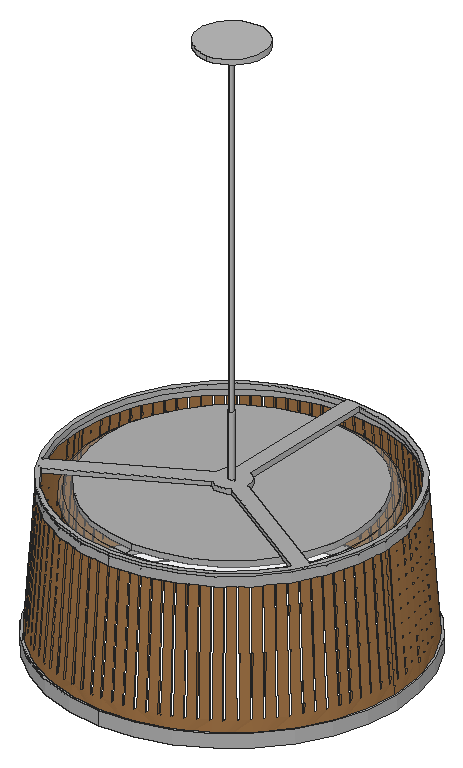
Revit family "Haworth_Solis Drum_Light_Small", category Lighting Fixtures, Revit 2018 (continued)
Automatic sketch dimensions
  Extrusion 9 sketch curve to Extrusion 9 sketch curve = 0.18586"
  Extrusion 9 sketch curve to Extrusion 9 sketch curve = 0.51839"  (x2)
  Extrusion 9 sketch curve to Extrusion 9 sketch curve = 0.51818"
  Extrusion 9 sketch curve to Extrusion 9 sketch curve = 0.13743"  (x2)
  Extrusion 9 sketch curve to Extrusion 9 sketch curve = 0.5528"
  Extrusion 9 sketch curve to Extrusion 9 sketch curve = 0.55252"
  Extrusion 9 sketch curve to Extrusion 9 sketch curve = 0.19011"  (x2)
  Extrusion 9 sketch curve to Extrusion 9 sketch curve = 0.18907"
  Extrusion 9 sketch curve to Extrusion 9 sketch curve = 0.52625"  (x2)
  Extrusion 9 sketch curve to Extrusion 9 sketch curve = 0.52596"
  Extrusion 9 sketch curve to Extrusion 9 sketch curve = 0.14059"  (x2)
  Extrusion 9 sketch curve to Extrusion 9 sketch curve = 0.13955"
  Extrusion 9 sketch curve to Extrusion 9 sketch curve = 0.55983"  (x2)
  Extrusion 9 sketch curve to Extrusion 9 sketch curve = 0.55947"
  Extrusion 9 sketch curve to Extrusion 9 sketch curve = 0.19292"  (x3)
  Extrusion 9 sketch curve to Extrusion 9 sketch curve = 0.19185"
  Extrusion 9 sketch curve to Extrusion 9 sketch curve = 0.5387"  (x2)
  Extrusion 9 sketch curve to Extrusion 9 sketch curve = 0.53834"
  Extrusion 9 sketch curve to Extrusion 9 sketch curve = 0.14267"  (x3)
  Extrusion 9 sketch curve to Extrusion 9 sketch curve = 0.56689"  (x3)
  Extrusion 9 sketch curve to Extrusion 9 sketch curve = 0.56648"
  Extrusion 9 sketch curve to Extrusion 9 sketch curve = 0.5455"  (x3)
  Extrusion 9 sketch curve to Extrusion 9 sketch curve = 0.54509"
  Extrusion 9 sketch curve to Extrusion 9 sketch curve = 0.19494"  (x3)
  Extrusion 9 sketch curve to Extrusion 9 sketch curve = 0.19384"
  Extrusion 9 sketch curve to Extrusion 9 sketch curve = 0.14417"  (x3)
  Extrusion 9 sketch curve to Extrusion 9 sketch curve = 0.14307"
  Extrusion 9 sketch curve to Extrusion 9 sketch curve = 0.57162"  (x2)
  Extrusion 9 sketch curve to Extrusion 9 sketch curve = 0.57116"
  Extrusion 9 sketch curve to Extrusion 9 sketch curve = 0.55004"  (x3)
  Extrusion 9 sketch curve to Extrusion 9 sketch curve = 0.54959"
  Extrusion 9 sketch curve to Extrusion 9 sketch curve = 0.19616"  (x2)
  Extrusion 9 sketch curve to Extrusion 9 sketch curve = 0.19504"
  Extrusion 9 sketch curve to Extrusion 9 sketch curve = 0.14507"  (x3)
  Extrusion 9 sketch curve to Extrusion 9 sketch curve = 0.14395"
  plane 3 "Center L/R" to Extrusion 9 sketch curve = 0.09794"
  plane 3 "Center L/R" to Extrusion 9 sketch curve = 0.09735"
  Extrusion 9 sketch curve to plane 3 "Center L/R" = 0.00865"
  Extrusion 9 sketch curve to plane 3 "Center L/R" = 0.09787"
  Extrusion 9 sketch curve to plane 3 "Center L/R" = 0.09846"
  Extrusion 9 sketch curve to Extrusion 9 sketch curve = 0.5523"
  Extrusion 9 sketch curve to Extrusion 9 sketch curve = 0.55303"
  Extrusion 9 sketch curve to Extrusion 9 sketch curve = 0.5741"
  Extrusion 9 sketch curve to Extrusion 9 sketch curve = 0.57479"
  Extrusion 9 sketch curve to Extrusion 9 sketch curve = 0.57184"
  Extrusion 9 sketch curve to Extrusion 9 sketch curve = 0.5331"
  Extrusion 9 sketch curve to Extrusion 9 sketch curve = 0.14619"
  Extrusion 9 sketch curve to Extrusion 9 sketch curve = 0.55423"
  Extrusion 9 sketch curve to Extrusion 9 sketch curve = 0.19571"
  Extrusion 9 sketch curve to Extrusion 9 sketch curve = 0.51929"
  Extrusion 9 sketch curve to Extrusion 9 sketch curve = 0.13642"
  Extrusion 9 sketch curve to Extrusion 9 sketch curve = 0.54585"
  Extrusion 9 sketch curve to Extrusion 9 sketch curve = 0.55046"
  Extrusion 9 sketch curve to Extrusion 9 sketch curve = 0.18585"
  Extrusion 9 sketch curve to Extrusion 9 sketch curve = 0.18652"
  Extrusion 9 sketch curve to Extrusion 9 sketch curve = 0.51816"
  Extrusion 9 sketch curve to Extrusion 9 sketch curve = 0.13326"
  Extrusion 9 sketch curve to Extrusion 9 sketch curve = 0.53885"
  Extrusion 9 sketch curve to Extrusion 9 sketch curve = 0.53882"
  Extrusion 9 sketch curve to Extrusion 9 sketch curve = 0.18153"
  Extrusion 9 sketch curve to Extrusion 9 sketch curve = 0.18215"
  Extrusion 9 sketch curve to Extrusion 9 sketch curve = 0.50496"
  Extrusion 9 sketch curve to Extrusion 9 sketch curve = 0.12955"
  Extrusion 9 sketch curve to Extrusion 9 sketch curve = 0.52512"
  Extrusion 9 sketch curve to Extrusion 9 sketch curve = 0.52497"
  Extrusion 9 sketch curve to Extrusion 9 sketch curve = 0.4897"
  Extrusion 9 sketch curve to Extrusion 9 sketch curve = 0.17648"
  Extrusion 9 sketch curve to Extrusion 9 sketch curve = 0.17704"
  Extrusion 9 sketch curve to Extrusion 9 sketch curve = 0.12532"
  Extrusion 9 sketch curve to Extrusion 9 sketch curve = 0.50925"
  Extrusion 9 sketch curve to Extrusion 9 sketch curve = 0.5132"
  Extrusion 9 sketch curve to Extrusion 9 sketch curve = 0.47244"
  Extrusion 9 sketch curve to Extrusion 9 sketch curve = 0.1707"
  Extrusion 9 sketch curve to Extrusion 9 sketch curve = 0.12057"
  Extrusion 9 sketch curve to Extrusion 9 sketch curve = 0.45325"
  Extrusion 9 sketch curve to Extrusion 9 sketch curve = 0.49129"
  Extrusion 9 sketch curve to Extrusion 9 sketch curve = 0.11532"
  Extrusion 9 sketch curve to Extrusion 9 sketch curve = 0.16423"
  Extrusion 9 sketch curve to Extrusion 9 sketch curve = 0.4322"
  Extrusion 9 sketch curve to Extrusion 9 sketch curve = 0.1096"
  Extrusion 9 sketch curve to Extrusion 9 sketch curve = 0.47133"
  Extrusion 9 sketch curve to Extrusion 9 sketch curve = 0.15707"
  Extrusion 9 sketch curve to Extrusion 9 sketch curve = 0.40938"
  Extrusion 9 sketch curve to Extrusion 9 sketch curve = 0.10344"
  Extrusion 9 sketch curve to Extrusion 9 sketch curve = 0.44943"
  Extrusion 9 sketch curve to Extrusion 9 sketch curve = 0.14927"
  Extrusion 9 sketch curve to Extrusion 9 sketch curve = 0.38488"
  Extrusion 9 sketch curve to Extrusion 9 sketch curve = 0.09684"
  Extrusion 9 sketch curve to Extrusion 9 sketch curve = 0.42569"
  Extrusion 9 sketch curve to Extrusion 9 sketch curve = 0.14085"
  Extrusion 9 sketch curve to Extrusion 9 sketch curve = 0.3588"
  Extrusion 9 sketch curve to Extrusion 9 sketch curve = 0.40021"
  Extrusion 9 sketch curve to Extrusion 9 sketch curve = 0.33124"
  Extrusion 9 sketch curve to Extrusion 9 sketch curve = 0.08247"
  Extrusion 9 sketch curve to Extrusion 9 sketch curve = 0.13186"
  Extrusion 9 sketch curve to Extrusion 9 sketch curve = 0.37308"
  Extrusion 9 sketch curve to Extrusion 9 sketch curve = 0.12232"
  Extrusion 9 sketch curve to Extrusion 9 sketch curve = 0.17546"
  Extrusion 9 sketch curve to Extrusion 9 sketch curve = 0.17407"
  Extrusion 9 sketch curve to Extrusion 9 sketch curve = 0.0411"
  Extrusion 9 sketch curve to Extrusion 9 sketch curve = 0.14159"
  Extrusion 9 sketch curve to Extrusion 9 sketch curve = 0.10713"
  Extrusion 9 sketch curve to Extrusion 9 sketch curve = 0.02307"
  Extrusion 9 sketch curve to Extrusion 9 sketch curve = 0.07221"
  Extrusion 9 sketch curve to Extrusion 9 sketch curve = 0.01388"
  Extrusion 9 sketch curve to Extrusion 9 sketch curve = 0.03699"
  Extrusion 2 sketch curve to Extrusion 2 sketch curve = 0"  (x4)
  plane 1 "Center F/B" to Extrusion 2 sketch curve = 0"
  Extrusion 2 sketch curve to plane 3 "Center L/R" = 0"
  Revolve 11 sketch curve to plane 1 "Center F/B" = 0"  (x2)
  plane 1 "Center F/B" to Revolve 11 sketch curve = 0.01786"
  Revolve 11 sketch curve to plane 14 "Top Shape Lamp" = 0.34967"
  plane 8 to Revolve 11 sketch curve = 2.50068"
  Revolve 11 sketch curve to plane 1 "Center F/B" = 1.05539"
  Revolve 11 sketch curve to plane 13 "Bottom Lamp" = 0.56592"
  Revolve 11 sketch curve to plane 10 "Cord" = 9.98812"
  Revolve 11 sketch curve to Revolve 11 sketch curve = 0"
  Revolve 11 sketch curve to Revolve 11 sketch curve = 0.09059"
  Revolve 11 sketch curve to plane 14 "Top Shape Lamp" = 0.64519"
  Revolve 11 sketch curve to Revolve 11 sketch curve = 0.67005"
  Revolve 11 sketch curve to Revolve 11 sketch curve = 0.01518"
  plane 1 "Center F/B" to Extrusion 8 sketch curve = 0"
  Extrusion 8 sketch curve to plane 3 "Center L/R" = 0"
  plane 1 "Center F/B" to Extrusion 8 sketch curve = 0.00482"
  plane 1 "Center F/B" to Extrusion 8 sketch curve = 0.01111"
  Extrusion 8 sketch curve to Extrusion 8 sketch curve = 0.01394"
  plane 1 "Center F/B" to Extrusion 8 sketch curve = 0.05457"
  Extrusion 8 sketch curve to Extrusion 8 sketch curve = 0.01649"
  plane 1 "Center F/B" to Extrusion 8 sketch curve = 0.0804"
  Extrusion 8 sketch curve to Extrusion 8 sketch curve = 0.01405"
  plane 1 "Center F/B" to Extrusion 8 sketch curve = 0.17929"
  plane 1 "Center F/B" to Extrusion 8 sketch curve = 0.99133"
  Extrusion 8 sketch curve to Extrusion 8 sketch curve = 0.86977"
  plane 5 to Extrusion 8 sketch curve = 2.34703"
  Extrusion 8 sketch curve to plane 1 "Center F/B" = 0.97998"
  plane 3 "Center L/R" to Extrusion 8 sketch curve = 0.4996"  (x2)
  Extrusion 8 sketch curve to Extrusion 8 sketch curve = 0.08106"
  Extrusion 8 sketch curve to plane 7 = 1.13884"
  plane 3 "Center L/R" to Extrusion 8 sketch curve = 0.795"
  Extrusion 8 sketch curve to Extrusion 8 sketch curve = 0.49351"
  Extrusion 8 sketch curve to Extrusion 8 sketch curve = 0.0199"
  Extrusion 8 sketch curve to Extrusion 8 sketch curve = 0.00222"
  plane 3 "Center L/R" to Extrusion 8 sketch curve = 0.0174"
  Extrusion 8 sketch curve to plane 3 "Center L/R" = 0.00587"
  Extrusion 8 sketch curve to plane 3 "Center L/R" = 0.01101"
  Extrusion 8 sketch curve to plane 3 "Center L/R" = 0.5004"  (x2)
  Extrusion 8 sketch curve to plane 6 = 2.34722"
  Extrusion 8 sketch curve to Extrusion 8 sketch curve = 0.85481"
  Extrusion 8 sketch curve to Extrusion 8 sketch curve = 0.8641"
  plane 5 to Extrusion 8 sketch curve = 2.85036"
  Extrusion 8 sketch curve to plane 6 = 2.86666"
  Revolve 11 sketch curve to Revolve 11 sketch curve = 2.9402"
  plane 1 "Center F/B" to Masking region 1 sketch curve = 0"
  Masking region 1 sketch curve to plane 3 "Center L/R" = 0"
  curve 1 to curve 2 = 0"  (x2)
  curve 1 to curve 3 = 0"  (x2)
  curve 2 to curve 3 = 0"  (x2)
  plane 1 "Center F/B" to curve 2 = 0"
  curve 2 to plane 3 "Center L/R" = 0"
  plane 1 "Center F/B" to Extrusion 3 sketch curve = 0"
  Extrusion 3 sketch curve to plane 3 "Center L/R" = 0"
  plane 1 "Center F/B" to curve 13 = 0"
  curve 13 to plane 3 "Center L/R" = 0"
  curve 12 to plane 3 "Center L/R" = 0.5004"
  plane 5 to curve 7 = 2.73607"
  curve 6 to curve 7 = 1/2"
  plane 3 "Center L/R" to curve 4 = 0.4996"
  curve 8 to plane 6 = 2.73495"
  curve 8 to curve 9 = 1/2"
  plane 1 "Center F/B" to curve 6 = 5.0721"
  plane 1 "Center F/B" to curve 10 = 5.07322"
  curve 7 to curve 6 = 0.86602"
  curve 8 to curve 9 = 0.86603"
  curve 12 to plane 7 = 1.00668"
  curve 7 to plane 3 "Center L/R" = 1.65978"
  plane 1 "Center F/B" to curve 6 = 0.68424"
  curve 6 to curve 7 = 0.50415"
  plane 1 "Center F/B" to Extrusion 12 sketch curve = 0"
  plane 3 "Center L/R" to Extrusion 12 sketch curve = 0.00106"
  Revolve 7 sketch curve to plane 14 "Top Shape Lamp" = 0.07874"
  Revolve 7 sketch curve to Revolve 7 sketch curve = 0.06491"
  Revolve 7 sketch curve to Revolve 7 sketch curve = 0.03737"
  Revolve 7 sketch curve to plane 9 "Bottom" = 6.52418"
  plane 11 to Revolve 7 sketch curve = 1.97582"
  radius of Extrusion 1 sketch curve = 12"
  radius of Extrusion 1 sketch curve = 11.7363"
  radius of Extrusion 4 sketch curve = 0.37244"
  radius of Extrusion 5 sketch curve = 0.12504"
  radius of Extrusion 6 sketch curve = 0.20512"
  radius of Extrusion 10 sketch curve = 12"
  radius of Extrusion 10 sketch curve = 11.7363"
  radius of Extrusion 2 sketch curve = 11.05223"
  radius of Extrusion 2 sketch curve = 11.15603"
  radius of Extrusion 8 sketch curve = 11.15344"
  radius of Masking region 1 sketch curve = 12.01706"
  radius of curve 1 = 11"
  radius of curve 2 = 9.86174"
  radius of curve 3 = 9.52764"
  radius of Extrusion 3 sketch curve = 2 69/256"
  radius of Extrusion 12 sketch curve = 9"
Connectors (in)
  electrical at (-16.34139, 8.82887, 120)
    settings: on cut or joined group of Extrusion 3, Extrusion 4, Extrusion 5, Extrusion 6, index 1, voltage 0 V, apparent load 0 VA, apparent load phase1 0 VA, apparent load phase2 0 VA, apparent load phase3 0 VA, power factor 1, load classification "Other", number of poles 1, system type 31, power factor state 1, is connector primary yes, connector utility no, sub classification motor no, connector description ""
